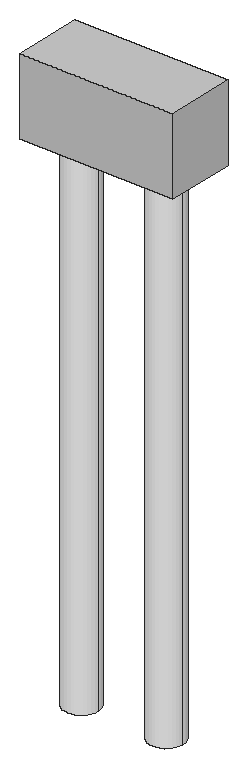
Revit family
Parameters (values of type "800 x 1800 x 900mm")
  Width = 1800 mm
  Thickness = 900 mm
  파일 유형 = M_파일-스틸 파이프 : 400mm 지름
  Length = 800 mm
  기초 재료 [instance] = 콘크리트 - 현장타설 콘크리트
  절단 = 150 mm
  간격 = 400 mm
  Assembly Code = "A1010130"
Reference planes
  plane 1 "중심(앞/뒤)": y = 0
  plane 2: z = 0
  plane 3 "중심(왼쪽/오른쪽)": x = 0
  plane 4: x = -900
  plane 5: x = 900
  plane 6: y = 400
  plane 7: y = -400
  plane 8: z = -900
  plane 9: x = -500
  plane 10: x = 500
  plane 11: z = -750
Forms (mm)
  Extrusion 1, solid, material "콘크리트 - 현장타설 콘크리트" <- "기초 재료"
    sketch origin (0, 0, 0) x (1, 0, 0) y (0, 1, 0)
      loop
        line (-900, 400) -> (-900, -400) -> (900, -400) -> (900, 400) -> (-900, 400)
    from -900 to 0
Dimensions and locks
  "Width": plane 4 to plane 5
  "Length": plane 6 to plane 7
  equal spacing: plane 6, plane 1 "중심(앞/뒤)", plane 7
  equal spacing: plane 4, plane 3 "중심(왼쪽/오른쪽)", plane 5
  "Thickness": plane 2 to plane 8
  "간격": plane 4 to plane 9
  "간격": plane 10 to plane 5
  "절단": plane 11 to plane 8
  aligned and locked: plane 4 to Extrusion 1 sketch curve
  aligned and locked: Extrusion 1 sketch curve to plane 5
  aligned and locked: Extrusion 1 sketch curve to plane 6
  aligned and locked: plane 7 to Extrusion 1 sketch curve
  aligned and locked: level to Extrusion 1
  aligned and locked: Extrusion 1 to plane 8
  aligned and locked: nested 1 to plane 9
  aligned and locked: nested 2 to plane 10
  aligned and locked: plane 11 to nested 1
  aligned and locked: plane 11 to nested 2
  aligned and locked: nested 2 to plane 1 "중심(앞/뒤)"
  aligned and locked: nested 1 to plane 1 "중심(앞/뒤)"
Nested families
  nested 1: "M_파일-스틸 파이프" at (-500, 0, -900), type <- "파일 유형", type "400mm 지름"
    with 파일 재료 금속 - 스틸 - 345 MPa
  nested 2: "M_파일-스틸 파이프" at (500, 0, -900), type <- "파일 유형", type "400mm 지름"
    with 파일 재료 금속 - 스틸 - 345 MPa
Definition of nested family "M_파일-스틸 파이프"
  Parameters (values of type "400mm 지름")
    반지름 = Diameter / 2  # 200 mm
    최소 내포 = 150 mm
    파일 재료 [instance] = 금속 - 스틸 - 345 MPa
    Diameter = 400 mm
    Depth = 6000 mm
    Assembly Code = "A1020130"
  Reference planes
    plane 1 "중심(앞/뒤)": y = 0
    plane 2: z = 0
    plane 3 "중심(왼쪽/오른쪽)": x = 0
    plane 4: z = -6000
    plane 5: z = 150
  Forms (mm)
    Extrusion 1, solid, material "금속 - 스틸 - 345 MPa" <- "파일 재료"
      sketch origin (0, 0, 0) x (1, 0, 0) y (0, 1, 0)
        loop
          circle (0, 0) r 200
      from -6000 to 150
  Dimensions and locks
    "Depth": plane 2 to plane 4
    "최소 내포": plane 5 to plane 2
    "반지름": radius of Extrusion 1 sketch curve
    aligned and locked: Extrusion 1 to plane 4
    aligned and locked: Extrusion 1 to plane 5
  Automatic sketch dimensions
    Extrusion 1 sketch curve to plane 1 "중심(앞/뒤)" = 0 mm
    Extrusion 1 sketch curve to plane 3 "중심(왼쪽/오른쪽)" = 0 mm
